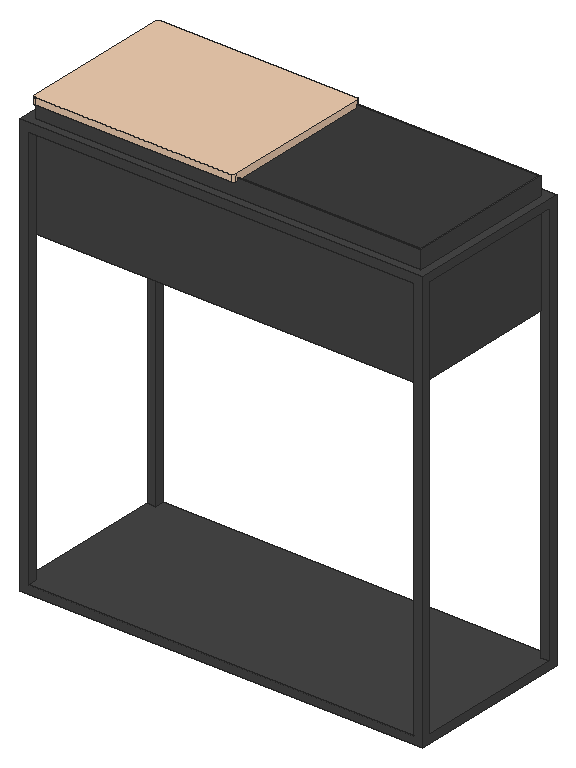
Revit family "NBS_Allermuir_IntPlntrSym_Crate_Planter", category Furniture, Revit 2018
Family settings
  Work Plane-Based = No
  Always vertical = Yes
  Cut with Voids When Loaded = No
  Shared = No
  Room Calculation Point = No
Parameters
  WarrantyStartDate [instance] = "1900-12-31T23:59:59"
  WarrantyGuarantorParts = "sales@allermuir.com"
  WarrantyGuarantorLabor = "n/a"
  WarrantyDurationUnit = "year"
  WarrantyDurationParts = "5"
  WarrantyDurationLabor = "n/a"
  WarrantyDescription = "Allermuir warrant that its manufactured products are free from manufacturing defects - in materials or workmanship - for a period of five (5) years. , Allermuir will repair, or replace (at Allermuir's sole discretion) with comparable free of charge materials / components, any product / component which fails under normal use in a single shift environment, as a result of a defect in the materials and/ or workmanship"
  Version = "1"  # constant formula
  Uniclass2015Version = "Systems v1.15"
  Uniclass2015Title = "Internal planter systems"
  Uniclass2015Code = "Ss_45_40_40_42"
  TopShelfMaterial = NBS_Allermuir_Oak_ClearFinish
  TagNumber [instance] = "n/a"
  SustainabilityPerformance = "13.5% recyclable"
  Style = "Planter"
  Status = "UNSET"
  Size = "250 x 630 x 600mm"
  Shape = "n/a"
  SerialNumber [instance] = "n/a"
  Revision = "n/a"
  ReplacementCost = "n/a"
  Reference = "n/a"
  ProductInformation = "https://www.allermuir.com/products/tables-storage/crate"
  NominalWidth = 600 mm
  NominalLength = 600 mm
  NominalHeight = 630 mm
  NominalDepth = 250 mm
  Name = "InternalPlanterSystem_CRT6020_Crate_Allermuir"
  NBSReference = "40-40-40/165"
  NBSDescription = "Internal planter system"
  NBSCertification = "www.nationalbimlibrary.com/cert/j5y1ylct"
  ModelReference = "Crate_Planter"
  ModelNumber = "CRT6020"
  Material = "Steel, Solid Wood"
  ManufacturerURL = "www.allermuir.co.uk"
  ManufacturerName = "Allermuir"  # constant formula
  Manufacturer = "sales@allermuir.com"
  MainColor = "n/a"
  IsBuiltIn = no
  InstallationDate [instance] = "1900-12-31T23:59:59"
  IfcExportType = "USERDEFINED"  # constant formula
  IfcExportAs = "IfcFurnitureType"  # constant formula
  Grade = "n/a"
  FrameMaterial = NBS_Allermuir_Steel_BlackPowderCoat
  Frame = "Steel"
  Finish = "Black, Pebble, Sage"
  Features = "25mm Laminate faced MDF core top, Edge detail with a clear finish, Steel pedestal base finished in Silver powder coat, Plastic glides, Steel frame and box insert available in a selection of powder coat finishes"
  ExpectedLife = "10"
  DurationUnit = "year"
  Description = "Planter"
  Constituents = "n/a"
  Color = "Black, Pebble, Sage"
  CodePerformance = "n/a"
  Category = "Ss_45_40_40_42:Internal planter systems"
  BarCode [instance] = "n/a"
  BIMObjectName = "NBS_Allermuir_InternalPlanterSystem_Crate_Planter_CRT6020"
  Author = "NBS"  # constant formula
  AssetType = "Movable"
  AssetIdentifier [instance] = "n/a"
  AccessibilityPerformance = "n/a"
Reference planes
  plane 1 "Center (Front/Back)": y = 0
  plane 2: z = 0
  plane 3 "Center (Left/Right)": x = 0
  plane 4 "FrameTop": z = 630
  plane 5 "Left": x = -300
  plane 6 "Right": x = 300
  plane 7 "Back": y = 125
  plane 8 "Front": y = -125
  plane 9 "BoxTop": z = 656
  plane 10 "Top": z = 661
Forms (mm)
  Extrusion 1, solid, material "NBS_Allermuir_Steel_BlackPowderCoat" <- "FrameMaterial", detail levels medium+fine
    sketch origin (0, 0, 0) x (1, 0, 0) y (0, 1, 0)
      loop
        line (-300, 125) -> (-300, -125) -> (300, -125) -> (300, 125) -> (-300, 125)
    from 0 to 12.7
  Extrusion 2, solid, material "NBS_Allermuir_Steel_BlackPowderCoat" <- "FrameMaterial", detail levels medium+fine
    sketch origin (0, 0, 630) x (-1, 0, 0) y (0, -1, 0)
      loop
        line (-287.3, -112.3) -> (287.3, -112.3) -> (287.3, 112.3) -> (-287.3, 112.3) -> (-287.3, -112.3)
      loop
        line (300, -125) -> (300, 125) -> (-300, 125) -> (-300, -125) -> (300, -125)
    from 0 to -12.7
  Extrusion 3, solid, material "NBS_Allermuir_Steel_BlackPowderCoat" <- "FrameMaterial", detail levels medium+fine
    sketch origin (0, 0, 0) x (1, 0, 0) y (0, 1, 0)
      loop
        line (-287.3, 112.3) -> (-287.3, 125) -> (-300, 125) -> (-300, 112.3) -> (-287.3, 112.3)
      loop
        line (-300, -112.3) -> (-300, -125) -> (-287.3, -125) -> (-287.3, -112.3) -> (-300, -112.3)
      loop
        line (287.3, -125) -> (300, -125) -> (300, -112.3) -> (287.3, -112.3) -> (287.3, -125)
      loop
        line (287.3, 112.3) -> (300, 112.3) -> (300, 125) -> (287.3, 125) -> (287.3, 112.3)
    from 0 to 630
  Extrusion 4, solid, material "NBS_Allermuir_Steel_BlackPowderCoat" <- "FrameMaterial", detail levels medium+fine
    sketch origin (0, 0, 656) x (-1, 0, 0) y (0, -1, 0)
      loop
        line (287.3, -112.3) -> (287.3, 112.3) -> (-287.3, 112.3) -> (-287.3, -112.3) -> (287.3, -112.3)
    from 0 to -180
  Extrusion 5, void
    sketch origin (0, 0, 656) x (-1, 0, 0) y (0, -1, 0)
      loop
        line (285.3, -110.3) -> (285.3, 110.3) -> (-285.3, 110.3) -> (-285.3, -110.3) -> (285.3, -110.3)
    from 0 to -168
  Extrusion 6, solid, material "NBS_Allermuir_Oak_ClearFinish" <- "TopShelfMaterial", detail levels medium+fine
    sketch origin (0, 0, 661) x (-1, 0, 0) y (0, -1, 0)
      loop
        line (287.3, -113) -> (287.3, 113)
        arc (287.3, 113) -> (286.128, 115.828) -> (283.3, 117) r 4
        line (283.3, 117) -> (-8.7, 117)
        arc (-8.7, 117) -> (-11.528, 115.828) -> (-12.7, 113) r 4
        line (-12.7, 113) -> (-12.7, -113)
        arc (-12.7, -113) -> (-11.528, -115.828) -> (-8.7, -117) r 4
        line (-8.7, -117) -> (283.3, -117)
        arc (283.3, -117) -> (286.128, -115.828) -> (287.3, -113) r 4
    from 0 to -10
  Extrusion 7, solid, material "NBS_Allermuir_Steel_BlackPowderCoat" <- "FrameMaterial", detail levels coarse
    sketch origin (0, 0, 0) x (1, 0, 0) y (0, 1, 0)
      loop
        line (-300, 125) -> (-300, -125) -> (300, -125) -> (300, 125) -> (-300, 125)
    from 0 to 661
Cuts and joins
  joined: Extrusion 1, Extrusion 2, Extrusion 3
  Extrusion 5 cuts Extrusion 4
Dimensions and locks
  equal spacing: plane 8 "Front", plane 1 "Center (Front/Back)", plane 7 "Back"
  equal spacing: plane 5 "Left", plane 3 "Center (Left/Right)", plane 6 "Right"
  plane 10 "Top" to plane 9 "BoxTop" to plane 4 "FrameTop" = 5 mm locked, 26 mm locked
  aligned and locked: level to plane 2
  aligned and locked: Extrusion 1 sketch curve to plane 5 "Left"
  aligned and locked: plane 6 "Right" to Extrusion 1 sketch curve
  aligned and locked: Extrusion 1 sketch curve to plane 7 "Back"
  aligned and locked: plane 8 "Front" to Extrusion 1 sketch curve
  aligned and locked: Extrusion 2 sketch curve to plane 5 "Left"
  aligned and locked: plane 6 "Right" to Extrusion 2 sketch curve
  aligned and locked: Extrusion 2 sketch curve to plane 7 "Back"
  aligned and locked: plane 8 "Front" to Extrusion 2 sketch curve
  aligned and locked: Extrusion 3 sketch curve to plane 7 "Back"  (x2)
  aligned and locked: Extrusion 3 sketch curve to plane 5 "Left"  (x2)
  aligned and locked: plane 8 "Front" to Extrusion 3 sketch curve  (x2)
  aligned and locked: plane 6 "Right" to Extrusion 3 sketch curve  (x2)
  aligned and locked: plane 4 "FrameTop" to Extrusion 3
  aligned and locked: Extrusion 7 sketch curve to plane 5 "Left"
  aligned and locked: plane 6 "Right" to Extrusion 7 sketch curve
  aligned and locked: Extrusion 7 sketch curve to plane 7 "Back"
  aligned and locked: plane 8 "Front" to Extrusion 7 sketch curve
  aligned and locked: plane 10 "Top" to Extrusion 7
Automatic sketch dimensions
  plane 6 "Right" to Extrusion 2 sketch curve = 12.7 mm
  plane 5 "Left" to Extrusion 2 sketch curve = 12.7 mm
  Extrusion 2 sketch curve to plane 7 "Back" = 12.7 mm
  Extrusion 2 sketch curve to plane 8 "Front" = 12.7 mm
  plane 5 "Left" to Extrusion 3 sketch curve = 12.7 mm  (x2)
  Extrusion 3 sketch curve to plane 7 "Back" = 12.7 mm  (x2)
  Extrusion 3 sketch curve to plane 8 "Front" = 12.7 mm  (x2)
  plane 6 "Right" to Extrusion 3 sketch curve = 12.7 mm  (x2)
  plane 6 "Right" to Extrusion 4 sketch curve = 12.7 mm
  plane 5 "Left" to Extrusion 4 sketch curve = 12.7 mm
  Extrusion 4 sketch curve to plane 7 "Back" = 12.7 mm
  Extrusion 4 sketch curve to plane 8 "Front" = 12.7 mm
  plane 6 "Right" to Extrusion 5 sketch curve = 14.7 mm
  plane 5 "Left" to Extrusion 5 sketch curve = 14.7 mm
  Extrusion 5 sketch curve to plane 7 "Back" = 14.7 mm
  Extrusion 5 sketch curve to plane 8 "Front" = 14.7 mm
  plane 3 "Center (Left/Right)" to Extrusion 6 sketch curve = 12.7 mm
  Extrusion 6 sketch curve to Extrusion 6 sketch curve = 4 mm  (x3)
  Extrusion 6 sketch curve to plane 8 "Front" = 8 mm
  plane 5 "Left" to Extrusion 6 sketch curve = 16.7 mm  (x2)
  Extrusion 6 sketch curve to plane 7 "Back" = 12 mm
